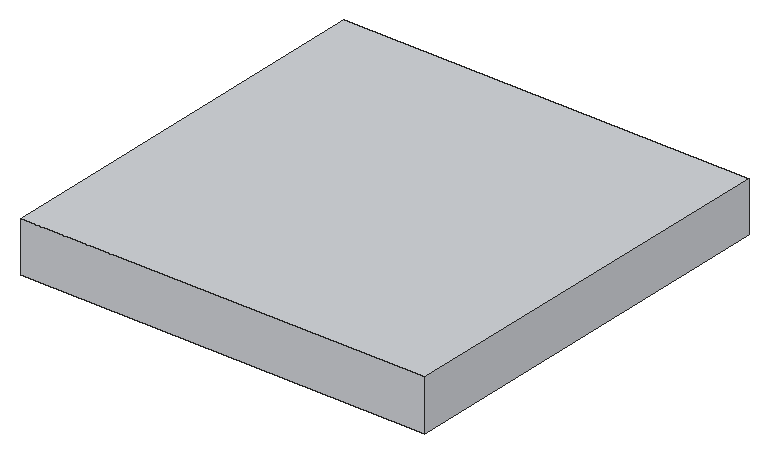
Revit family "CS2 (2RED+2RJ45)", category Aparatos eléctricos, Revit 2017
Family settings
  Anfitrión = Cara
  Mantener orientación de anotación = No
  Cota de conector redondo = Diámetro de uso
  Tipo de pieza = Normal
  Número OmniClass = 23.80.50.11.11
  Título OmniClass = Receptacle Terminal Units
  Corte con vacíos al cargar = No
  Compartido = No
  Punto de cálculo de habitación = No
Parameters (values of type "Módulo /4 - Blanco")
  Ø tubo = 15 mm
  Voltaje = 230 V
  URL = "http://www.mmconecta.com/"
  Potencia aparente = 3500 W
  Polos = 1
  Normativas = "UNE 20451 / Marcado CE"  # constant formula
  Modelo = "CS2"  # constant formula
  Materia prima = "Policarbonato libre de halógenos"
  Instalación = "Superficie"  # constant formula
  Descripción = "Caja de conexiones tipo CS2 PLUS"  # constant formula
  Código de montaje = "D5020100"
  Composición = "Cubeta, Marco, Bastidor, Tornillería montaje en superficie (2ud), Laterales (2ud), Tapa para canaleta"  # constant formula
  Capacidad = "Ilimitada"  # constant formula
  CS2 (AltoxLargoxAncho) = "150 x 147,5 x 69 mm"  # constant formula
  Conexiones = "2 tomas de corriente estándar + 2 conexiones de red RJ45"  # constant formula
  Acabado = "Blanco nieve RAL9010"
  Factor de potencia = 1
  Fabricante = "MMCONECTA"  # constant formula
  Elevación por defecto = 1200 mm
  Compatibilidad = "Gama Plus"  # constant formula
  Carga eléctrica = Potencia
Reference planes
  plane 1 "Centro (Frontal/Posterior)": y = 0
  plane 2: z = 0
  plane 3 "Centro (Izquierda/Derecha)": x = 0
Forms (mm)
  Extrusion 1, solid
    sketch origin (0, 0, 0) x (1, 0, 0) y (0, 1, 0)
      loop
        line (-1219.2, 1219.2) -> (-1219.2, -1219.2) -> (1219.2, -1219.2) -> (1219.2, 1219.2) -> (-1219.2, 1219.2)
    from 0 to -304.8
  Extrusion 2, solid, detail levels coarse+medium
    sketch origin (0, 0, 0) x (1, 0, 0) y (0, 1, 0)
      loop
        line (-75, 73.75) -> (-75, -73.25) -> (75, -73.25) -> (75, 73.75) -> (-75, 73.75)
    from 0 to 68.731
Dimensions and locks
  aligned and locked: plane 2 to Extrusion 1
  aligned and locked: level to Extrusion 1
  aligned and locked: plane 3 "Centro (Izquierda/Derecha)" to nested 1
  aligned and locked: plane 1 "Centro (Frontal/Posterior)" to nested 1
Nested families
  nested 1: "Simbolo enchufe" at (0, 0, 0), type "4RED+2RJ45", detail levels coarse+medium
Connectors
  cabletrayconduit at (-75, 29.5, 15.3), diameter 15, driven by "Ø tubo"
    settings: on import instance, index 1, connector width 300 mm, connector height 300 mm, connector angle 0.00°, system type 32, placement type 0, profile type 0, connector reference index -1, is primary connector yes, connector utility param no, connector description ""
  cabletrayconduit at (-75, -29, 15.3), diameter 15, driven by "Ø tubo"
    settings: on import instance, index 2, connector width 300 mm, connector height 300 mm, connector angle 0.00°, system type 32, placement type 0, profile type 0, connector reference index -1, is primary connector no, connector utility param no, connector description ""
  electrical at (25.125, -20.401, 1), driven by "Polos", driven by "Carga eléctrica", driven by "Voltaje", driven by "Potencia aparente", driven by "Factor de potencia"
    settings: on import instance, index 3, voltage 230 V, apparent load 0 W, apparent load phase1 3500 W, apparent load phase2 0 W, apparent load phase3 0 W, power factor 1, load classification "Potencia", number of poles 1, system type 31, power factor state 1, is connector primary yes, connector utility no, sub classification motor no, connector description ""
  electrical at (-24.46, -20.672, 1), driven by "Polos", driven by "Carga eléctrica", driven by "Voltaje", driven by "Potencia aparente", driven by "Factor de potencia"
    settings: on import instance, index 4, voltage 230 V, apparent load 0 W, apparent load phase1 3500 W, apparent load phase2 0 W, apparent load phase3 0 W, power factor 1, load classification "Potencia", number of poles 1, system type 31, power factor state 1, is connector primary no, connector utility no, sub classification motor no, connector description ""
  electrical at (25.125, 38.099, 1)
    settings: on import instance, index 5, voltage 0 V, apparent load 0 W, apparent load phase1 0 W, apparent load phase2 0 W, apparent load phase3 0 W, power factor 1, load classification "Otro", number of poles 1, system type 5, power factor state 1, is connector primary no, connector utility no, sub classification motor no, connector description ""
  electrical at (-24.46, 37.828, 1)
    settings: on import instance, index 6, voltage 0 V, apparent load 0 W, apparent load phase1 0 W, apparent load phase2 0 W, apparent load phase3 0 W, power factor 1, load classification "Otro", number of poles 1, system type 5, power factor state 1, is connector primary no, connector utility no, sub classification motor no, connector description ""
Definition of nested family "Simbolo enchufe"
  Parameters (values of type "Anotación de toma")
    Anotación de texto de etiqueta = ""
  Types (6): name
    Anotación de toma
    12CR
    4RED+2RJ45
    6RED+2RJ45
    6RED+4RJ45
    Anotación de toma de corriente - 220V
  Reference planes
    plane 1: y = 0
    plane 2: x = 0
  Lines and regions (mm)
    detail lines
      curve 1: line (0, 1.25, 0) -> (0, 0, 0)
      curve 2: line (-1.25, 1.25, 0) -> (1.25, 1.25, 0)
      curve 3: arc (-1.25, 2.5, 0) -> (0, 1.25, 0) -> (1.25, 2.5, 0) r 1.25
  Text (mm)
    text "2RED+2RJ45" at (-6.057, 0.205, 0)
